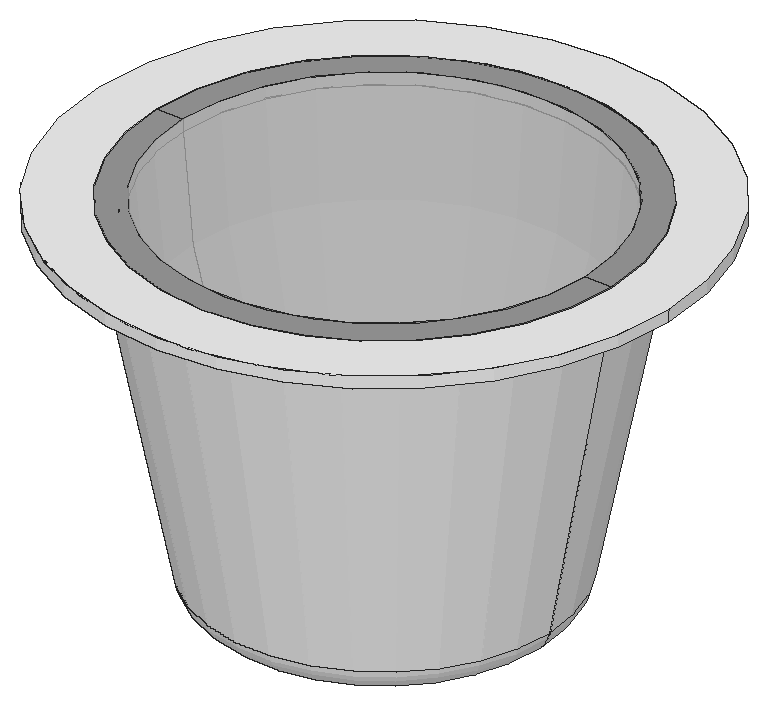
Revit family "2060506 Sylvania Lighting Fixture ASCENT100 II ARCH 650 4K STD EMG 120", category Lighting Fixtures, host Face, Revit 2016
Family settings
  Host = Face
  Part Type = Normal
  Round Connector Dimension = Use Diameter
  OmniClass Number = 23.80.70.11.17
  OmniClass Title = Specialized Lighting by Location or Use
  Cut with Voids When Loaded = No
  Light Source = Yes
  Shared = No
  Room Calculation Point = No
Parameters (values of type "2060506 ASCT100 II ARCH 650 4K STD EMG 120 Emergency mode")
  Weight = "1.43 kg"
  WarrantyStartDate [instance] = "n/a"
  WarrantyGuarantorParts = "n/a"
  WarrantyDurationUnit = "n/a"
  WarrantyDurationParts = "n/a"
  WarrantyDescription = "n/a"
  Voltage = 0 V
  TypeName = "ASCT100 II ARCH 650 4K STD EMG 120 Emergency mode"
  SerialNumber [instance] = "n/a"
  ReflectorRadius_SYL = Radius_SYL - 15.0 mm  # 60.0 mm
  PowerFactor = 0
  PowerConsumption = "7 W"
  NominalWidth = 0.0 mm
  NominalLength = 0.0 mm
  NominalHeight = 94.0 mm
  Name = "ASCT100 II ARCH 650 4K STD EMG 120 Emergency mode"
  ModelReference = "ASCT100 II ARCH 650 4K STD EMG 120 Emergency mode"
  ModelNumber = "2060506"
  Material_4_SYL = Aluminium_Sylvania_Ascent_Silver
  Radius_SYL = 75.0 mm
  Wattage = 1.83871 W
  built-in parameter 1150110 = 1 (stored number, unit not read)
  URL = "http://www.sylvania-lighting.com"
  built-in parameter 1114217 = 1 (stored number, unit not read)
  Tilt Angle = -90°
  built-in parameter 1150109 = 1 (stored number, unit not read)
  built-in parameter 1150134 = 12
  built-in parameter 1150113 = 1 (stored number, unit not read)
  Photometric Web File = "2060506EM.ies"
  Material = "aluminium housing, acrylic diffuser"
  ManufacturerName = "Feilo Sylvania"
  LuminousEfficacy = "93 lm/W"
  LuminaireType = ""
  LightOutputRatio = "100"
  LampsType = Lamp  # "LED"
  LampNominalLuminous = "653 lm"
  LampMacAdamStep = "n/a"
  LampColourTemperature = "4000 K"
  LampColourRenderingIndex = "80"
  Keynote = "16500"
  InstallationDate [instance] = "n/a"
  InputVoltage = "n/a"
  InputNominalFrequency = "n/a"
  IngressProtection = "IP40"
  ImpactProtectionIndex = "IK02"
  IfcExportType = "IfcLightFixtureType"
  IfcExportAs = "IfcLightFixtureType"
  Height_SYL = 94.0 mm
  ExpectedLife = 50000
  Emit from Circle Diameter = 2 * DiffuserRadius_SYL  # 106.0 mm
  Emit Shape Visible in Rendering = no
  ElectricShockClassification = "Class II"
  DurationUnit = "hours"
  DocumentationLiterature = "http://www.sylvania-lighting.com/product/en-int/products/2060506"
  DimmingControlOptions = "n/a"
  DiffuserRadius_SYL = ReflectorRadius_SYL - 7.0 mm  # 53.0 mm
  Material_3_SYL = Polycarbonate_Sylvania_Ascent_Clear
  Diameter_SYL = 2 * Radius_SYL  # 150.0 mm
  CutoutDiameter_SYL = Diameter_SYL - 13.0 mm  # 137.0 mm
  CreatedOn = "9/17/2018"
  CreatedBy = "@sylvania-lighting.com"
  built-in parameter 1114216 [instance] = 1 (stored number, unit not read)
  Model = "ASCT100 II ARCH 650 4K STD EMG 120 Emergency mode"
  Manufacturer = "Feilo Sylvania"
  built-in parameter 1150105 = 13.608 (stored number, unit not read)
  Lumens = 171 lm
  built-in parameter 1150115 = 1 (stored number, unit not read)
  built-in parameter 1150137 = (empty or 0)
  built-in parameter 1150139 = (empty or 0)
  built-in parameter 1150112 = 1 (stored number, unit not read)
  built-in parameter 1150114 = 1 (stored number, unit not read)
  Lamp = "LED"
  built-in parameter 1150132 = 2
  built-in parameter 1150102 = (empty or 0)
  built-in parameter 1150107 = 4000 (stored number, unit not read)
  built-in parameter 1150138 = (empty or 0)
  built-in parameter 1150106 = 0.13608 (stored number, unit not read)
  Material_1_SYL = Aluminum_Sylvania_Ascent_White
  built-in parameter 1150104 = 8.64 (stored number, unit not read)
  Dimming Lamp Color Temperature Shift = <None>
  Description = "Direct LED retro fit for original LED 100 Arch (120) single CFL lamp offering Matching lumen levels and improved light distribution of original LED 100 CFL lamp equivalents Typically half the power consumption compared to CFL Up to 104lm/W 120mm aperture Architectural reflector accepts range of glass accessories from existing LED 100 Arch 120 offering HE, HO and VHO versions equivalent of single 1 x 13W, 1 x 18W, 1 x 26W Additional VVHO versions which offer the performance circa 2 x 26W equivalent"  # constant formula
  Default Elevation = 0.0 mm
  Color Filter = 16777215
  built-in parameter 1140040 [instance] = 1
  BarCode [instance] = "n/a"
  built-in parameter 1114218 = 1 (stored number, unit not read)
  built-in parameter 1150133 = 10 (stored number, unit not read)
  AssetType = "Fixed"
  AssetIdentifier [instance] = "n/a"
  Assembly Code = "D5020200"
  Apparent Load = 1.83871 VA
  Aperture_SYL = 2 * ReflectorRadius_SYL  # 120.0 mm
  Material_2_SYL = Aluminum_Sylvania_Ascent_White
Types (2, lengths in mm): name | TypeName | Name | ModelReference | Wattage | Photometric Web File | Model | built-in parameter 1150105 | Lumens | built-in parameter 1150106 | Apparent Load
  2060506 ASCT100 II ARCH 650 4K STD EMG 120 Emergency mode | "ASCT100 II ARCH 650 4K STD EMG 120 Emergency mode" | "ASCT100 II ARCH 650 4K STD EMG 120 Emergency mode" | "ASCT100 II ARCH 650 4K STD EMG 120 Emergency mode" | 1.83871 W | "2060506EM.ies" | "ASCT100 II ARCH 650 4K STD EMG 120 Emergency mode" | 13.608 (stored number, unit not read) | 171 lm | 0.13608 (stored number, unit not read) | 1.83871 VA
  2060506 ASCT100 II ARCH 650 4K STD EMG 120 | "ASCENT100 II ARCH 650 4K STD EMG 120" | "ASCENT100 II ARCH 650 4K STD EMG 120" | "ASCENT100 II ARCH 650 4K STD EMG 120" | 7 W | "2060506.ies" | "ASCENT100 II ARCH 650 4K STD EMG 120" | 51.805 (stored number, unit not read) | 651 lm | 0.51805 (stored number, unit not read) | 7 VA
Reference planes
  plane 1 "Center (Front/Back)": y = 0
  plane 2: z = 0
  plane 3 "Center (Left/Right)": x = 0
  plane 4 "Fixture Bottom": z = 3
  plane 5: z = -52.5
  plane 6 "Fixture Top": z = -91
Forms (mm)
  Extrusion 1, solid, material "Aluminum_Sylvania_Ascent_White" <- "Material_2_SYL", detail levels fine
    sketch origin (0, 0, 0) x (1, 0, 0) y (0, 1, 0)
      loop
        circle (0, 0) r 75
      loop
        circle (0, 0) r 60
    from 0 to 3
  Extrusion 2, void
    sketch origin (0, 0, 0) x (1, 0, 0) y (0, 1, 0)
      loop
        circle (0, 0) r 68.5
    from -91 to 3
  Revolve 3, solid, material "Aluminum_Sylvania_Ascent_White" <- "Material_1_SYL", detail levels fine
    sketch origin (0, 0, 0) x (1, 0, 0) y (0, 0, 1)
      loop
        line (0, -91.073) -> (0, -89.023) -> (-35.468, -89.014)
        arc (-35.468, -89.014) -> (-39.352, -87.613) -> (-41.54, -84.139) r 6.307
        line (-41.54, -84.139) -> (-57.991, -2.844) -> (-57.991, 0) -> (-60, 0) -> (-60, -3) -> (-43.5, -84.536)
        arc (-43.5, -84.536) -> (-40.643, -89.203) -> (-35.5, -91.073) r 8.291
        line (-35.5, -91.073) -> (0, -91.073)
      axis (0, 0) -> (0, -91.073)
    angle from 0 to 360
  Revolve 4, solid, material "Aluminium_Sylvania_Ascent_Silver" <- "Material_4_SYL", detail levels fine
    sketch origin (0, 0, 0) x (1, 0, 0) y (0, 0, 1)
      loop
        line (-60, 3) -> (-60, 0) -> (-55, 0)
        arc (-55, 0) -> (-52.349, -26.77) -> (-44.5, -52.5) r 136.5
        line (-44.5, -52.5) -> (-38, -52.5)
        arc (-38, -52.5) -> (-36.857, -61.521) -> (-33.5, -69.971) r 36.166
        line (-33.5, -69.971) -> (0, -69.971) -> (0, -50.5) -> (-43.16, -50.5)
        arc (-43.16, -50.5) -> (-50.517, -25.725) -> (-53, 0) r 134.5
        line (-53, 0) -> (-53, 3) -> (-60, 3)
      axis (0, 3) -> (0, -69.971)
    angle from 0 to 360
  Extrusion 5, solid, material "Polycarbonate_Sylvania_Ascent_Clear" <- "Material_3_SYL", detail levels fine
    sketch origin (0, 0, 0) x (1, 0, 0) y (0, 1, 0)
      loop
        circle (0, 0) r 53
    from 0 to 3
  Revolve 6, solid, material "Aluminum_Sylvania_Ascent_White" <- "Material_2_SYL", detail levels coarse+medium
    sketch origin (0, 0, 0) x (1, 0, 0) y (0, 0, 1)
      loop
        line (0, -91.073) -> (0, 3) -> (-75, 3) -> (-75, 0) -> (-60, 0) -> (-60, -3) -> (-43.5, -84.536)
        arc (-43.5, -84.536) -> (-40.643, -89.203) -> (-35.5, -91.073) r 8.291
        line (-35.5, -91.073) -> (0, -91.073)
      axis (0, 3) -> (0, -91.073)
    angle from 0 to 360
Dimensions and locks
  locked: plane 4 "Fixture Bottom" to plane 2 at 3
  "Height_SYL": plane 4 "Fixture Bottom" to plane 6 "Fixture Top"
  "ReflectorRadius_SYL": plane 3 "Center (Left/Right)" to Revolve 4 sketch curve
  locked: Revolve 4 sketch curve to Revolve 4 sketch curve at 15.5
  locked: Revolve 4 sketch curve to Revolve 4 sketch curve at 5
  locked: Revolve 4 sketch curve to Revolve 4 sketch curve at 7
  locked: Revolve 4 sketch curve to Revolve 4 sketch curve at 22
  locked: Revolve 4 sketch curve to Revolve 4 sketch curve at 26.5
  locked: Revolve 3 sketch curve to Revolve 3 sketch curve at 16.5
  locked: Revolve 3 sketch curve to Revolve 3 sketch curve at 24.5
  "ReflectorRadius_SYL": Revolve 3 sketch curve to plane 3 "Center (Left/Right)"
  locked: Revolve 3 sketch curve to plane 6 "Fixture Top" at 6.464
  locked: plane 2 to Revolve 3 sketch curve at 3
  locked: Revolve 3 sketch curve to Revolve 3 sketch curve at 2
  locked: Revolve 3 sketch curve to Revolve 3 sketch curve at 2.009
  locked: plane 2 to plane 5 at 52.5
  locked: Revolve 6 sketch curve to Revolve 6 sketch curve at 31.5
  locked: Revolve 6 sketch curve to Revolve 6 sketch curve at 39.5
  locked: Revolve 6 sketch curve to Revolve 6 sketch curve at 15
  "Radius_SYL": plane 3 "Center (Left/Right)" to Revolve 6 sketch curve
  "CutoutDiameter_SYL": diameter of Extrusion 2 sketch curve
  "ReflectorRadius_SYL": radius of Extrusion 1 sketch curve
  "DiffuserRadius_SYL": radius of Extrusion 5 sketch curve
  "Radius_SYL": radius of Extrusion 1 sketch curve
  aligned and locked: host face to plane 2
  aligned and locked: host face to level
  aligned and locked: plane 1 "Center (Front/Back)" to imposter light
  aligned and locked: plane 3 "Center (Left/Right)" to imposter light
  aligned and locked: plane 4 "Fixture Bottom" to Extrusion 1
  aligned and locked: Extrusion 1 to plane 2
  aligned and locked: Revolve 3 sketch curve to plane 3 "Center (Left/Right)"
  aligned and locked: Revolve 4 sketch curve to plane 3 "Center (Left/Right)"  (x2)
  aligned and locked: plane 4 "Fixture Bottom" to Revolve 4 sketch curve
  aligned and locked: Revolve 3 sketch curve to imposter light
  aligned and locked: Extrusion 5 to plane 2
  aligned and locked: imposter light to Extrusion 5
  aligned and locked: plane 2 to Revolve 3 sketch curve  (x2)
  aligned and locked: Revolve 6 sketch curve to imposter light
  aligned and locked: Revolve 6 sketch curve to plane 3 "Center (Left/Right)"
  aligned and locked: plane 6 "Fixture Top" to Extrusion 2
  aligned and locked: imposter light to Extrusion 2
  aligned and locked: imposter light to plane 4 "Fixture Bottom"
Automatic sketch dimensions
  plane 1 "Center (Front/Back)" to Extrusion 2 sketch curve = 0.0 mm
  Extrusion 2 sketch curve to plane 3 "Center (Left/Right)" = 0.0 mm
  Extrusion 1 sketch curve to Extrusion 1 sketch curve = 0.0 mm  (x2)
  plane 1 "Center (Front/Back)" to Extrusion 1 sketch curve = 0.0 mm
  Extrusion 1 sketch curve to plane 3 "Center (Left/Right)" = 0.0 mm
  plane 6 "Fixture Top" to Revolve 3 sketch curve = 0.073 mm
  Revolve 3 sketch curve to plane 6 "Fixture Top" = 6.861 mm
  Revolve 3 sketch curve to Revolve 3 sketch curve = 0.003 mm
  Revolve 3 sketch curve to Revolve 3 sketch curve = 0.009 mm  (x2)
  Revolve 3 sketch curve to Revolve 3 sketch curve = 0.023 mm
  Revolve 3 sketch curve to Revolve 3 sketch curve = 0.072 mm
  Revolve 3 sketch curve to Revolve 3 sketch curve = 0.008 mm
  Revolve 3 sketch curve to plane 6 "Fixture Top" = 1.977 mm
  Revolve 3 sketch curve to Revolve 3 sketch curve = 33.496 mm
  Revolve 3 sketch curve to Revolve 3 sketch curve = 0.028 mm
  plane 4 "Fixture Bottom" to Revolve 3 sketch curve = 82.431 mm
  Revolve 4 sketch curve to Revolve 4 sketch curve = 0.0 mm  (x2)
  Revolve 4 sketch curve to plane 5 = 0.0 mm
  Revolve 4 sketch curve to level = 0.0 mm
  plane 5 to Revolve 4 sketch curve = 2.0 mm
  plane 4 "Fixture Bottom" to Revolve 4 sketch curve = 9.642 mm
  plane 1 "Center (Front/Back)" to Extrusion 5 sketch curve = 0.0 mm
  Extrusion 5 sketch curve to plane 3 "Center (Left/Right)" = 0.0 mm
  Revolve 4 sketch curve to level = 69.971 mm
  Revolve 4 sketch curve to Revolve 4 sketch curve = 2.387 mm
  Revolve 6 sketch curve to level = 0.0 mm
  Revolve 6 sketch curve to plane 3 "Center (Left/Right)" = 0.0 mm
  Revolve 6 sketch curve to Revolve 6 sketch curve = 8.104 mm
  Revolve 6 sketch curve to level = 3.0 mm
  Revolve 6 sketch curve to plane 6 "Fixture Top" = 6.464 mm
  plane 6 "Fixture Top" to Revolve 6 sketch curve = 0.073 mm
  Revolve 6 sketch curve to Revolve 6 sketch curve = 33.496 mm
  plane 4 "Fixture Bottom" to Revolve 6 sketch curve = 82.431 mm
  host sketch curve to host sketch curve = 1368.192 mm
  host sketch curve to host sketch curve = 1600.367 mm
Connectors
  electrical at (0, 0, -91.073), driven by "Apparent Load"
    settings: on Revolve 3, index 1, voltage 240 V, apparent load 0 VA, apparent load phase1 1.83871 VA, apparent load phase2 0 VA, apparent load phase3 0 VA, power factor 1, load classification "Lighting", number of poles 1, system type 31, power factor state 1, is connector primary yes, connector utility no, sub classification motor no, connector description ""
